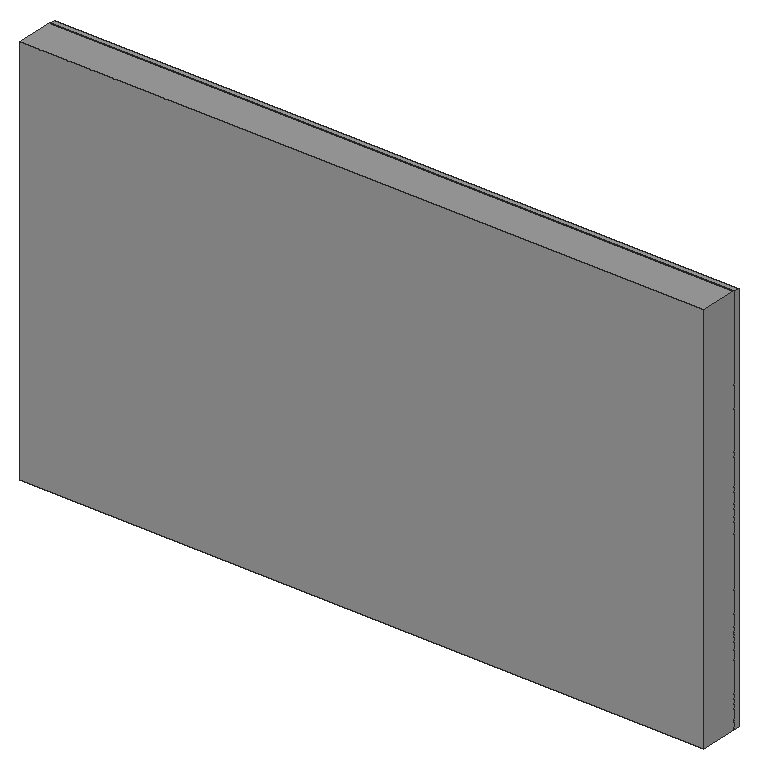
Revit family "Pluraluce M LED 1-s Sentr (skrått 45 grader ned mot venstre_veggmontasje)", category Lighting Fixtures, Revit 2013
Parameters (values of type "20m")
  Width = 10 mm
  Wattage Comments = "17 W"
  Wattage = 9.2903 W
  built-in parameter 1150110 = 1 (stored number, unit not read)
  Voltage = 230 V
  URL = ""
  built-in parameter 1114217 = 1 (stored number, unit not read)
  Tilt Angle = 90.00°
  built-in parameter 1150109 = 1 (stored number, unit not read)
  built-in parameter 1150134 = 3
  Symbol Positive Direction [instance] = yes
  Symbol Offset Side [instance] = 0 mm
  Symbol Offset Out [instance] = 0 mm
  built-in parameter 1150113 = 1 (stored number, unit not read)
  Reference Line Out [instance] = 50 mm
  Photometric Web File = "20x42A12.ies"
  Number of Poles = 1
  built-in parameter 1150105 = 109.82 (stored number, unit not read)
  Lumens = 1380 lm
  built-in parameter 1150115 = 1 (stored number, unit not read)
  Load Classification [instance] = Other
  Model = ""
  Manufacturer = ""
  built-in parameter 1150137 = (empty or 0)
  built-in parameter 1150139 = (empty or 0)
  Length 1 = Length - 30 mm  # 205 mm
  Length = 235 mm
  built-in parameter 1150112 = 1 (stored number, unit not read)
  built-in parameter 1150114 = 1 (stored number, unit not read)
  Lamp = "1"
  built-in parameter 1150132 = (empty or 0)
  built-in parameter 1150102 = (empty or 0)
  built-in parameter 1150107 = 3200 (stored number, unit not read)
  built-in parameter 1150138 = (empty or 0)
  built-in parameter 1150106 = 1.0982 (stored number, unit not read)
  Height 1 = Height - 30 mm  # 105 mm
  Height = 135 mm
  Emit from Rectangle Width = Height  # 135 mm
  Emit from Rectangle Length = Length  # 235 mm
  Emit Shape Visible in Rendering = no
  built-in parameter 1150104 = 13.8 (stored number, unit not read)
  Dimming Lamp Color Temperature Shift = <None>
  Description = ""
  Color Filter = 16777215
  Body Material and Colour = Default
  built-in parameter 1114218 = 1 (stored number, unit not read)
  built-in parameter 1150133 = 10 (stored number, unit not read)
  Assembly Code = ""
  Apparent Load = 17 VA
  30m = no
  20m = yes
Types (2, lengths in mm): name | Reference Line Out | Length 1 | Length | Height 1 | Height | Emit from Rectangle Width | Emit from Rectangle Length | 30m | 20m
  20m | 50 | 205 | 235 | 105 | 135 | 135 | 235 | no | yes
  30m | 139.852 | 305 | 335 | 155 | 185 | 185 | 335 | yes | no
Reference planes
  plane 1 "Light Source Axis (F/B)": y = 119.961
  plane 2 "Top": z = 83
  plane 3 "Light Source Axis (L/R)": x = 0
  plane 4 "Level": z = 0
  plane 5 "Bottom": z = -135
  plane 6: x = -117.5
  plane 7: x = 117.5
  plane 8: y = 132.961
  plane 9: y = 134.961
  plane 10: z = -15
  plane 11: x = -102.5
  plane 12: x = 102.5
  plane 13: z = -67.5
  plane 14: z = -120
Forms (mm)
  Extrusion 1, solid, material "Default" <- "Body Material and Colour"
    sketch origin (0, 119.961, 0) x (1, 0, 0) y (0, 0, 1)
      loop
        line (-117.5, 0) -> (-117.5, -135) -> (117.5, -135) -> (117.5, 0) -> (-117.5, 0)
    from 0 to -13
  Extrusion 2, solid, material "Default" <- "Body Material and Colour"
    sketch origin (0, 119.961, 0) x (1, 0, 0) y (0, 0, 1)
      loop
        line (-117.5, 0) -> (-117.5, -135) -> (117.5, -135) -> (117.5, 0) -> (-117.5, 0)
      loop
        line (-102.5, -15) -> (-102.5, -120) -> (102.5, -120) -> (102.5, -15) -> (-102.5, -15)
    from -15 to -13
Lines and regions (mm)
  model lines, style "InvisibleLines"
    curve 1: line (0, 119.961, 0) -> (0, 169.961, 0)
Dimensions and locks
  equal spacing: plane 6, plane 3 "Light Source Axis (L/R)", plane 7
  "Length": plane 6 to plane 7
  plane 8 to plane 1 "Light Source Axis (F/B)" = 13 mm
  locked: plane 9 to plane 8 at 2
  equal spacing: plane 4 "Level", plane 13, plane 5 "Bottom"
  "Height": plane 4 "Level" to plane 5 "Bottom"
  equal spacing: plane 11, plane 3 "Light Source Axis (L/R)", plane 12
  "Length 1": plane 11 to plane 12
  equal spacing: plane 10, plane 13, plane 14
  "Height 1": plane 10 to plane 14
  locked: plane 1 "Light Source Axis (F/B)" to plane 9 at 15
  "Reference Line Out": plane 1 "Light Source Axis (F/B)" to curve 1
  aligned and locked: plane 4 "Level" to level
  aligned and locked: plane 8 to nested 2
  aligned and locked: nested 2 to plane 13
  aligned and locked: plane 3 "Light Source Axis (L/R)" to nested 3
  aligned and locked: plane 1 "Light Source Axis (F/B)" to nested 3
  aligned and locked: plane 8 to nested 1
  aligned and locked: plane 4 "Level" to Extrusion 1 sketch curve
  aligned and locked: plane 6 to Extrusion 1 sketch curve
  aligned and locked: plane 5 "Bottom" to Extrusion 1 sketch curve
  aligned and locked: Extrusion 1 sketch curve to plane 7
  aligned and locked: Extrusion 1 to plane 8
  aligned and locked: plane 1 "Light Source Axis (F/B)" to Extrusion 1
  aligned and locked: plane 4 "Level" to Extrusion 2 sketch curve
  aligned and locked: Extrusion 2 sketch curve to plane 7
  aligned and locked: plane 5 "Bottom" to Extrusion 2 sketch curve
  aligned and locked: plane 6 to Extrusion 2 sketch curve
  aligned and locked: Extrusion 2 sketch curve to plane 10
  aligned and locked: plane 11 to Extrusion 2 sketch curve
  aligned and locked: plane 14 to Extrusion 2 sketch curve
  aligned and locked: Extrusion 2 sketch curve to plane 12
  aligned and locked: plane 8 to Extrusion 2
  aligned and locked: Extrusion 2 to plane 9
  aligned and locked: nested 1 to plane 13
  aligned and locked: plane 13 to imposter light
  aligned and locked: imposter light to plane 9
  aligned and locked: plane 1 "Light Source Axis (F/B)" to curve 1
  aligned and locked: plane 3 "Light Source Axis (L/R)" to curve 1
Nested families
  nested 1: "20m_skrått 45 grader ned mot venstre" at (0, 132.961, -67.5), visible <- "20m", type "20m"
  nested 2: "30m_skrått 45 grader ned mot venstre" at (0, 132.961, -67.5), visible <- "30m", type "30m"
  nested 3: "MarkeringslysS" at (0, 119.961, 0), type "Type 1"
Connectors
  electrical at (0, 119.961, 0), driven by "Number of Poles", driven by "Voltage", driven by "Apparent Load", driven by "Load Classification"
    settings: index 1, voltage 230 V, apparent load 0 VA, apparent load phase1 17 VA, apparent load phase2 0 VA, apparent load phase3 0 VA, power factor 1, load classification "Other", number of poles 1, system type 31, power factor state 1, is connector primary yes, connector utility no, sub classification motor no, connector description ""
Definition of nested family "20m_skrått 45 grader ned mot venstre"
  Parameters (values of type "20m")
    Material = yes
    L = 205 mm
    H = 135 mm
  Reference planes
    plane 1 "Center (Front/Back)": y = 0
    plane 2: z = 0
    plane 3 "Center (Left/Right)": x = 0
    plane 4: y = -2
  Forms (mm)
    Extrusion 1, solid, material "Green", visible <- "Material"
      sketch origin (453.48, 0, -265.275) x (1, 0, 0) y (0, 0, 1)
        loop
          line (-555.98, 317.775) -> (-555.98, 212.775) -> (-350.98, 212.775) -> (-350.98, 317.775) -> (-555.98, 317.775)
        loop
          circle (-469.766, 303.483) r 7
        loop
          line (-475.5, 291.17) -> (-481.111, 295.878) -> (-514.738, 289.33) -> (-523.167, 276.351)
          arc (-523.167, 276.351) -> (-523.437, 274.892) -> (-522.597, 273.669) r 1.939
          line (-522.597, 273.669) -> (-520.357, 272.215)
          arc (-520.357, 272.215) -> (-518.849, 271.956) -> (-517.622, 272.872) r 1.939
          line (-517.622, 272.872) -> (-511.565, 283.363) -> (-494.748, 286.638) -> (-511.024, 258.447) -> (-527.794, 258.447)
          arc (-527.794, 258.447) -> (-530.079, 257.5) -> (-531.025, 255.215) r 3.232
          line (-531.025, 255.215) -> (-531.025, 251.984)
          arc (-531.025, 251.984) -> (-530.079, 249.699) -> (-527.794, 248.752) r 3.232
          line (-527.794, 248.752) -> (-494.232, 248.752) -> (-489.068, 257.695) -> (-482.551, 252.226) -> (-482.551, 225.892)
          arc (-482.551, 225.892) -> (-481.604, 223.607) -> (-479.319, 222.661) r 3.232
          line (-479.319, 222.661) -> (-476.087, 222.661)
          arc (-476.087, 222.661) -> (-473.802, 223.607) -> (-472.856, 225.892) r 3.232
          line (-472.856, 225.892) -> (-472.856, 256.746) -> (-484.146, 266.22) -> (-479.224, 274.746) -> (-468.474, 265.726)
          arc (-468.474, 265.726) -> (-467.059, 265.28) -> (-465.743, 265.965) r 1.939
          line (-465.743, 265.965) -> (-464.081, 267.946)
          arc (-464.081, 267.946) -> (-463.635, 269.361) -> (-464.32, 270.677) r 1.939
          line (-464.32, 270.677) -> (-475.942, 280.43) -> (-471.849, 287.519) -> (-475.5, 291.17)
        loop
          line (-381.179, 269.33) -> (-389.29, 277.441) -> (-389.29, 258.516) -> (-423.086, 292.311) -> (-431.197, 284.2) -> (-397.401, 250.405) -> (-416.327, 250.405) -> (-408.216, 242.294) -> (-381.179, 242.294) -> (-381.179, 269.33)
      from 0 to 2
  Dimensions and locks
    aligned and locked: level to plane 2
Definition of nested family "30m_skrått 45 grader ned mot venstre"
  Parameters (values of type "30m")
    Material = yes
    L = 425.577 mm
    H = 260 mm
  Reference planes
    plane 1 "Center (Front/Back)": y = 0
    plane 2: z = 0
    plane 3 "Center (Left/Right)": x = 0
    plane 4: y = -2
  Forms (mm)
    Extrusion 1, solid, material "Green", visible <- "Material"
      sketch origin (0, 0, 0) x (1, 0, 0) y (0, 0, 1)
        loop
          line (-152.5, 77.5) -> (-152.5, -77.5) -> (152.5, -77.5) -> (152.5, 77.5) -> (-152.5, 77.5)
        loop
          circle (-34.197, 48.678) r 8.988
        loop
          line (-41.559, 32.868) -> (-48.764, 38.913) -> (-91.942, 30.506) -> (-102.764, 13.841)
          arc (-102.764, 13.841) -> (-103.111, 11.967) -> (-102.032, 10.397) r 2.49
          line (-102.032, 10.397) -> (-99.157, 8.53)
          arc (-99.157, 8.53) -> (-97.22, 8.197) -> (-95.645, 9.373) r 2.49
          line (-95.645, 9.373) -> (-87.867, 22.844) -> (-66.274, 27.049) -> (-87.172, -9.148) -> (-108.705, -9.148)
          arc (-108.705, -9.148) -> (-111.639, -10.364) -> (-112.855, -13.298) r 4.149
          line (-112.855, -13.298) -> (-112.855, -17.447)
          arc (-112.855, -17.447) -> (-111.639, -20.381) -> (-108.705, -21.597) r 4.149
          line (-108.705, -21.597) -> (-65.611, -21.597) -> (-58.981, -10.114) -> (-50.612, -17.137) -> (-50.612, -50.949)
          arc (-50.612, -50.949) -> (-49.397, -53.883) -> (-46.463, -55.098) r 4.149
          line (-46.463, -55.098) -> (-42.313, -55.098)
          arc (-42.313, -55.098) -> (-39.379, -53.883) -> (-38.164, -50.949) r 4.149
          line (-38.164, -50.949) -> (-38.164, -11.332) -> (-52.661, 0.833) -> (-46.341, 11.78) -> (-32.538, 0.198)
          arc (-32.538, 0.198) -> (-30.721, -0.375) -> (-29.031, 0.505) r 2.49
          line (-29.031, 0.505) -> (-26.897, 3.048)
          arc (-26.897, 3.048) -> (-26.324, 4.865) -> (-27.204, 6.556) r 2.49
          line (-27.204, 6.556) -> (-42.127, 19.078) -> (-36.872, 28.181) -> (-41.559, 32.868)
        loop
          line (116.852, 7.071) -> (102.71, 21.213) -> (102.71, -11.785) -> (43.785, 47.14) -> (29.642, 32.998) -> (88.568, -25.927) -> (55.57, -25.927) -> (69.712, -40.069) -> (116.852, -40.069) -> (116.852, 7.071)
      from 0 to 2
  Dimensions and locks
    aligned and locked: level to plane 2
    aligned and locked: plane 4 to Extrusion 1
    aligned and locked: Extrusion 1 to plane 1 "Center (Front/Back)"
    aligned and locked: Extrusion 1 to plane 4
Definition of nested family "MarkeringslysS"
  Parameters (values of type "Type 1")
    CQ Symbol Positive Direction = yes
    CQ Symbol Negative Direction = not(CQ Symbol Positive Direction)  # no
    CQ Symbol Offset Side = 0 mm
    CQ Symbol Offset Out = 0 mm
  Reference planes
    plane 1: y = 0
    plane 2: x = 0
  Dimensions and locks
    "CQ Symbol Offset Out": plane 1 to nested 1
    "CQ Symbol Offset Out": plane 1 to nested 2
    "CQ Symbol Offset Side": plane 2 to nested 2
    "CQ Symbol Offset Side": nested 1 to plane 2
  Nested families
    nested 1: "LedelysSub" at (0, 0, 0), visible <- "CQ Symbol Negative Direction", type "Type 1"
    nested 2: "LedelysSub" at (0, 0, 0), visible <- "CQ Symbol Positive Direction", type "Type 1"
  Definition of nested family "LedelysSub"
    Reference planes
      plane 1: y = 0
      plane 2: x = 0
    Lines and regions (mm)
      Filled region 1, type "Filled region 1"
        outline origin (64.576, 53.459, 0) x (1, 0, 0) y (0, 1, 0)
          loop
            arc (-65.575, -52.307) -> (-65.224, -51.459) -> (-65.575, -50.61) r 1.2
            line (-65.575, -50.61) -> (-66.424, -51.459) -> (-65.575, -52.307)
      Filled region 2, type "Filled region 1"
        outline origin (-68.271, 53.459, 0) x (0, 1, 0) y (-1, 0, 0)
          loop
            line (-52.307, -65.575) -> (-51.459, -66.424) -> (-50.61, -65.575)
            arc (-50.61, -65.575) -> (-51.459, -65.224) -> (-52.307, -65.575) r 1.2
      detail lines
        curve 1: line (-4, 0, 0) -> (4, 0, 0)
        curve 2: line (4, 0, 0) -> (4, 4, 0)
        curve 3: line (4, 4, 0) -> (-4, 4, 0)
        curve 4: line (-4, 4, 0) -> (-4, 0, 0)
        curve 5: line (-3.097, 0.75, 0) -> (-0.597, 3.25, 0)
        curve 6: line (-3.097, 3.25, 0) -> (-0.597, 0.75, 0)
        curve 7: circle (-1.847, 2, 0) r 1.2 normal (0, 0, 1)
    Text (mm)
      text "ML" at (2.179, 3.025, 0)
    Dimensions and locks
      aligned and locked: Filled region 1 sketch curve to curve 7
